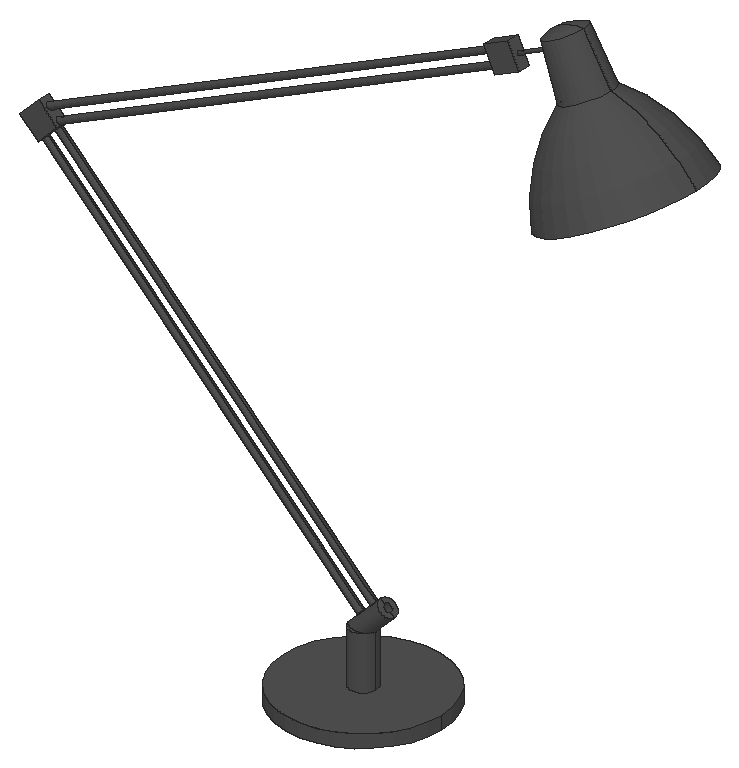
Revit family "M_Abajur de mesa - Extensão de braço", category Luminárias, Revit 2019
Family settings
  Cota do conector redondo = Utilizar diâmetro
  Tipo de parte = Normal
  Número OmniClass = 23.80.70.11.11
  Título OmniClass = General Luminaries, Non Directional
  ID de item do Seek = Table Lamp - Arm Extension-0000-CAN-ENU
  Com base no plano de trabalho = Não
  Sempre na vertical = Sim
  Corte com vazios quando carregada = Não
  Fonte luminosa = Sim
  Compartilhado = Não
  Ponto de cálculo do ambiente = Não
Parameters (values of type "100W - 120V")
  Wattage = 100 W
  built-in parameter 1150110 = 1 (stored number, unit not read)
  built-in parameter 1114217 = 1 (stored number, unit not read)
  built-in parameter 1150109 = 1 (stored number, unit not read)
  built-in parameter 1150134 = 4
  built-in parameter 1150113 = 1 (stored number, unit not read)
  Tilt Angle = 60.00°
  Arquivo de rede fotométrica = "TLAE1A21.ies"
  built-in parameter 1150115 = 1 (stored number, unit not read)
  built-in parameter 1150105 = 95.493 (stored number, unit not read)
  Classificação de carga = Iluminação - Unidade de interrupção
  built-in parameter 1150137 = 1
  built-in parameter 1150139 = (empty or 0)
  built-in parameter 1150112 = 1 (stored number, unit not read)
  built-in parameter 1150114 = 1 (stored number, unit not read)
  built-in parameter 1150132 = (empty or 0)
  built-in parameter 1150102 = (empty or 0)
  built-in parameter 1150138 = (empty or 0)
  built-in parameter 1150107 = 2800 (stored number, unit not read)
  built-in parameter 1150106 = 0.95493 (stored number, unit not read)
  built-in parameter 1150104 = 1.1148 (stored number, unit not read)
  Dimming Lamp Color Temperature Shift = (empty or 0)
  Color Filter = 16777215
  built-in parameter 1140040 [instance] = 1
  Voltagem = 120 V
  Número de pólos = 1
  built-in parameter 1114218 = 1 (stored number, unit not read)
  built-in parameter 1150133 = 10 (stored number, unit not read)
  Código de montagem = "D5020220"
  Lâmpada = "R-30"
  Lumens = 1200 lm
  Material de sombra = Aço, Cromo polido
  Material do suporte = Aço, Cromo polido
  Wattage Comments = ""
  Carga aparente = 100 VA
Types (5, lengths in mm): name | Wattage | Arquivo de rede fotométrica | built-in parameter 1150105 | built-in parameter 1150106 | built-in parameter 1150104 | Voltagem | Lâmpada | Lumens | Carga aparente
  (no name) | 100 W | "TLAE1A21.ies" | 95.493 (stored number, unit not read) | 0.95493 (stored number, unit not read) | 1.1148 (stored number, unit not read) | 120 V | "R-30" | 1200 lm | 100 VA
  100W - 277V | 100 W | "TLAE1A21.ies" | 95.493 (stored number, unit not read) | 0.95493 (stored number, unit not read) | 1.1148 (stored number, unit not read) | 277 V | "R-30" | 1200 lm | 100 VA
  60W - 120V | 60 W | "TLAE1A19.ies" | 68.039 (stored number, unit not read) | 0.68039 (stored number, unit not read) | 1.3239 (stored number, unit not read) | 120 V | "A-19" | 855 lm | 60 VA
  60W - 277V | 60 W | "TLAE1A19.ies" | 68.039 (stored number, unit not read) | 0.68039 (stored number, unit not read) | 1.3239 (stored number, unit not read) | 277 V | "A-19" | 855 lm | 60 VA
  100W - 120V | 100 W | "TLAE1A21.ies" | 95.493 (stored number, unit not read) | 0.95493 (stored number, unit not read) | 1.1148 (stored number, unit not read) | 120 V | "R-30" | 1200 lm | 100 VA
Reference planes
  plane 1 "Eixo de origem da luz": y = 0
  plane 2: z = 0
  plane 3: through (-31.75, 0, 31.75) normal (-0.7071, 0, 0.7071)
  plane 4: through (34.245, 0, 34.245) normal (0.7071, 0, 0.7071)
  plane 5: through (52.205, 0, 52.205) normal (0.7071, 0, 0.7071)
  plane 6: through (48.637, 0, 48.637) normal (0.7071, 0, 0.7071)
  plane 7: through (-213.455, 0, 457.757) normal (0.4226, 0, -0.9063)
  plane 8: through (-210.772, 0, 452.002) normal (0.4226, 0, -0.9063)
  plane 9: through (-206.746, 0, 443.369) normal (0.4226, 0, -0.9063)
  plane 10: through (-204.063, 0, 437.614) normal (0.4226, 0, -0.9063)
  plane 11: through (-208.371, 0, 446.853) normal (0.4226, 0, -0.9063)
  plane 12: through (363.488, 0, 169.497) normal (0.9063, 0, 0.4226)
  plane 13: through (455.569, 0, 212.435) normal (0.9063, 0, 0.4226)
  plane 14: through (392.263, 0, 182.915) normal (0.9063, 0, 0.4226)
  plane 15: through (426.793, 0, 199.017) normal (0.9063, 0, 0.4226)
  plane 16: through (-177.757, 0, 381.201) normal (0.4226, 0, -0.9063)
  plane 17 "Eixo de origem da luz": x = 228.6
  plane 18 "Elevação da origem da luz": z = 546.1
Forms (mm)
  Extrusion 1, solid, material "Aço, Cromo polido" <- "Material do suporte"
    sketch origin (0, 0, 0) x (1, 0, 0) y (0, 1, 0)
      loop
        circle (0, 0) r 76.2
    from 0 to 12.7
  Revolve 2, solid, material "Aço, Cromo polido" <- "Material do suporte"
    sketch origin (0, 0, 0) x (1, 0, 0) y (0, 0, 1)
      loop
        line (-12.7, 12.7) -> (0, 12.7) -> (0, 63.5) -> (-12.7, 63.5) -> (-12.7, 12.7)
      axis (0, 63.5) -> (0, 12.7)
    angle from 0 to 360
  Revolve 3, solid, material "Aço, Cromo polido" <- "Material do suporte"
    sketch origin (0, 0, 0) x (1, 0, 0) y (0, 0, 1)
      loop
        line (-12.7, 63.5) -> (-5.965, 63.5) -> (20.976, 90.441) -> (17.608, 93.808) -> (-12.7, 63.5)
      axis (-6.35, 57.15) -> (23.958, 87.458)
    angle from 0 to 360
  Revolve 4, solid, material "Aço, Cromo polido" <- "Material do suporte"
    sketch origin (0, 0, 0) x (1, 0, 0) y (0, 0, 1)
      loop
        line (-4.218, 72.707) -> (-1.973, 74.952) -> (-325.262, 398.241) -> (-327.507, 395.996) -> (-4.218, 72.707)
      axis (-1.973, 74.952) -> (-325.262, 398.241)
    angle from 0 to 360
  Revolve 5, solid, material "Aço, Cromo polido" <- "Material do suporte"
    sketch origin (0, 0, 0) x (1, 0, 0) y (0, 0, 1)
      loop
        line (10.537, 86.737) -> (12.782, 88.982) -> (-310.596, 412.36) -> (-312.841, 410.115) -> (10.537, 86.737)
      axis (10.537, 86.737) -> (-312.841, 410.115)
    angle from 0 to 360
  Extrusion 6, solid, material "Aço, Cromo polido" <- "Material do suporte"
    sketch origin (0, 0, 0) x (1, 0, 0) y (0, 0, 1)
      loop
        line (-327.507, 395.996) -> (-309.546, 378.036) -> (-291.586, 395.996) -> (-309.546, 413.957) -> (-327.507, 395.996)
    from -6.35 to 6.35
  Revolve 7, solid, material "Aço, Cromo polido" <- "Material do suporte"
    sketch origin (0, 0, 0) x (1, 0, 0) y (0, 0, 1)
      loop
        line (-304.081, 408.491) -> (133.304, 612.447) -> (132.043, 615.151) -> (-306.326, 410.736) -> (-304.081, 408.491)
      axis (-305.065, 408.032) -> (133.304, 612.447)
    angle from 0 to 360
  Revolve 8, solid, material "Aço, Cromo polido" <- "Material do suporte"
    sketch origin (0, 0, 0) x (1, 0, 0) y (0, 0, 1)
      loop
        line (-294.421, 395.479) -> (142.963, 599.435) -> (141.621, 602.312) -> (-295.763, 398.357) -> (-294.421, 395.479)
      axis (-295.763, 398.357) -> (141.621, 602.312)
    angle from 0 to 360
  Extrusion 9, solid, material "Aço, Cromo polido" <- "Material do suporte"
    sketch origin (0, 0, 0) x (1, 0, 0) y (0, 0, 1)
      loop
        line (145.184, 624.993) -> (122.393, 614.366) -> (133.128, 591.345) -> (155.919, 601.973) -> (145.184, 624.993)
    from -6.35 to 6.35
  Revolve 10, solid, material "Aço, Cromo polido" <- "Material do suporte"
    sketch origin (0, 0, 0) x (1, 0, 0) y (0, 0, 1)
      loop
        line (150.269, 614.089) -> (184.799, 630.191) -> (184.128, 631.629) -> (149.598, 615.528) -> (150.269, 614.089)
      axis (184.799, 630.191) -> (150.269, 614.089)
    angle from 0 to 360
  Revolve 11, solid, material "Aço, Cromo polido" <- "Material de sombra"
    sketch origin (0, 0, 0) x (1, 0, 0) y (0, 0, 1)
      loop
        line (178.154, 640.434) -> (195.93, 591.596)
        arc (195.93, 591.596) -> (182.483, 542.231) -> (186.135, 491.198) r 152.38
        line (186.135, 491.198) -> (188.244, 491.966)
        arc (188.244, 491.966) -> (184.97, 543.239) -> (198.922, 592.685) r 152.38
        line (198.922, 592.685) -> (181.547, 640.422)
        arc (181.547, 640.422) -> (186.883, 646.929) -> (194.24, 651.014) r 22.437
        line (194.24, 651.014) -> (193.262, 653.111)
        arc (193.262, 653.111) -> (184.705, 647.968) -> (178.154, 640.434) r 31.933
      axis (193.89, 653.404) -> (254.716, 522.962)
    angle from 0 to 360
Lines and regions (mm)
  symbolic lines
    curve 1: arc (76.2, 0, 0) -> (0, 76.2, 0) -> (-76.2, 0, 0) r 76.2
    curve 2: arc (-76.2, 0, 0) -> (0, -76.2, 0) -> (76.2, 0, 0) r 76.2
    curve 3: arc (330.405, 0, 0) -> (254.205, 76.2, 0) -> (178.005, 0, 0) r 76.2
    curve 4: arc (178.005, 0, 0) -> (254.205, -76.2, 0) -> (330.405, 0, 0) r 76.2
    curve 5: arc (12.7, 0, 0) -> (0, 12.7, 0) -> (-12.7, 0, 0) r 12.7
    curve 6: arc (-12.7, 0, 0) -> (0, -12.7, 0) -> (12.7, 0, 0) r 12.7
    curve 7: line (-291.586, 0, 0) -> (178.005, 0, 0)
    curve 8: line (-327.507, 6.35, 0) -> (-291.586, 6.35, 0)
    curve 9: line (-327.507, 6.35, 0) -> (-327.507, -6.35, 0)
    curve 10: line (-327.507, -6.35, 0) -> (-291.586, -6.35, 0)
    curve 11: line (-291.586, 6.35, 0) -> (-291.586, -6.35, 0)
Dimensions and locks
  aligned and locked: plane 1 "Eixo de origem da luz" to imposter light
